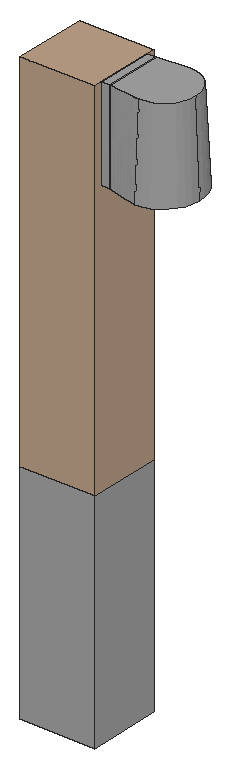
Revit family "ARBOR LED BOLLARD", category Lighting Fixtures, host Face, Revit 2020
Family settings
  Host = Face
  Round Connector Dimension = Use Diameter
  Part Type = Normal
  Cut with Voids When Loaded = No
  Light Source = Yes
  Shared = No
  Room Calculation Point = No
Parameters (values of type "ARBD")
  light width = 3.54"
  Wattage Comments = "10W"
  Wattage = 3.29873 W
  built-in parameter 1150110 = 1 (stored number, unit not read)
  Voltage Comments = "120-277V"
  Voltage = 277 V
  URL = "https://www.abovealllighting.com/product/LED-OUTDOOR-FIXTURES/LEDBOLLARDS/ArborLEDBollard.html"
  Type Comments = "ARBOR LED BOLLARD"
  built-in parameter 1114217 = 1 (stored number, unit not read)
  Tilt Angle = 90.00°
  built-in parameter 1150109 = 1 (stored number, unit not read)
  built-in parameter 1150134 = (empty or 0)
  Suspenders Distance = 7.95"
  built-in parameter 1150113 = 1 (stored number, unit not read)
  Photometric Web File = "ARBDXXH_10301_BK.ies"
  Model = "ARBD"
  Manufacturer = "Above All Lighting"  # constant formula
  built-in parameter 1150105 = 38.993 (stored number, unit not read)
  Lumens = 490 lm
  built-in parameter 1150115 = 1 (stored number, unit not read)
  built-in parameter 1150137 = (empty or 0)
  built-in parameter 1150139 = (empty or 0)
  built-in parameter 1150112 = 1 (stored number, unit not read)
  built-in parameter 1150114 = 1 (stored number, unit not read)
  Lamp = "LED"
  LIGHT LENGTH = 4.92"
  built-in parameter 1150132 = 2
  built-in parameter 1150102 = (empty or 0)
  built-in parameter 1150107 = 3000 (stored number, unit not read)
  built-in parameter 1150138 = (empty or 0)
  built-in parameter 1150106 = 0.38993 (stored number, unit not read)
  Fixture Width = 3.94"
  Fixture Height = 31.50"
  Finish/Color = wood
  built-in parameter 1150104 = 13.8 (stored number, unit not read)
  Dimming Lamp Color Temperature Shift = <None>
  Description = "The Arbor led bollard has attractively shielded light distribution.  It's fully shielded light source \r\neffectively contains upward light spill for safety and comfort of passers by. Superior UV powder \r\ncoating, quality die cast aluminum body, tempered safety glass lens, molded silicone gasket and \r\nstainless steel screws. Distinctive wood texture finish also available This bollard is an excellent \r\nchoice for walkways, entrances, promenades, plazas, courtyards, driveways, bridges, and \r\nlandscaped areas."
  Default Elevation = 48.00"
  Color Option Available = "3000K,4000K"
  Color Filter = 16777215
  CRI = "80"
  CCT = "3000K,4000K"
  Body Material = die cast aluminum
  built-in parameter 1114218 = 1 (stored number, unit not read)
  Average life based on L70(HRS) = "100000"
  built-in parameter 1150133 = 10 (stored number, unit not read)
  Apparent Load = 0 VA
Reference planes (in)
  plane 1 "Center (Front/Back)": y = 0
  plane 2: z = 0
  plane 3 "Center (Left/Right)": x = 0
  plane 4: x = -1.97
  plane 5: z = 31.5
  plane 6: x = 1.97
  plane 7: z = 26.58
  plane 8: x = 5.98
  plane 9: x = 2.44
  plane 10: y = 1.97
  plane 11: y = -1.97
  plane 12: z = 12
  plane 13: x = 4.21
Forms (in)
  Extrusion 1, solid, material "die cast aluminum" <- "Body Material"
    sketch origin (0, 0, 0) x (1, 0, 0) y (0, 1, 0)
      loop
        line (-1.97, 1.97) -> (-1.97, -1.97) -> (1.97, -1.97) -> (1.97, 1.97) -> (-1.97, 1.97)
    from 0 to 12
  Extrusion 2, solid, material "wood" <- "Finish/Color"
    sketch origin (0, 0, 11) x (1, 0, 0) y (0, 1, 0)
      loop
        line (-1.97, 1.97) -> (-1.97, -1.97) -> (1.97, -1.97) -> (1.97, 1.97) -> (-1.97, 1.97)
    from 1 to 20.5
  Extrusion 3, solid, material "die cast aluminum" <- "Body Material"
    sketch origin (0, 0, 0) x (1, 0, 0) y (0, 0, 1)
      loop
        line (1.97, 31.5) -> (1.97, 26.58) -> (2.44, 26.58) -> (2.44, 31.5) -> (1.97, 31.5)
    from -1.53504 to 1.53504
  Blend 4, solid, material "die cast aluminum" <- "Body Material"
    base sketch origin (0, 0, 0) x (1, 0, 0) y (0, 1, 0)
      loop
        line (4.10469, 1.9513) -> (2.44, 1.53504) -> (2.44, -1.53504) -> (4.06461, -1.92574)
        arc (4.06461, -1.92574) -> (5.42266, -1.36107) -> (5.98, 0) r 1.91542
        arc (5.98, 0) -> (5.45787, 1.37499) -> (4.10469, 1.9513) r 1.87679
    top sketch origin (0, 0, 0) x (1, 0, 0) y (0, 1, 0)
      loop
        line (2.44, 1.53504) -> (2.44, -1.53504) -> (4.10435, -1.69667)
        arc (4.10435, -1.69667) -> (5.30408, -1.19973) -> (5.80102, 0) r 1.69667
        arc (5.80102, 0) -> (5.30408, 1.19973) -> (4.10435, 1.69667) r 1.69667
        line (4.10435, 1.69667) -> (2.44, 1.53504)
    from 26.58 to 31.5
  Blend 5, void
    base sketch origin (0.125, 0, 0) x (1, 0, 0) y (0, 1, 0)
      loop
        circle (4.10435, 0) r 1.60423
    top sketch origin (0.125, 0, 0) x (1, 0, 0) y (0, 1, 0)
      loop
        circle (4.10435, 0) r 1.15701
    from 26.58 to 28.5716
Cuts and joins
  Blend 5 cuts Blend 4
Dimensions and locks (in)
  equal spacing: plane 6, plane 3 "Center (Left/Right)", plane 4
  "Fixture Width": plane 6 to plane 4
  "Fixture Height": plane 5 to plane 2
  "Suspenders Distance": plane 8 to plane 4
  "LIGHT LENGTH": plane 5 to plane 7
  "light width": plane 8 to plane 9
  equal spacing: plane 10, plane 1 "Center (Front/Back)", plane 11
  plane 10 to plane 11 = 3.94"
  plane 4 to plane 6 = 3.94"
  equal spacing: plane 4, plane 3 "Center (Left/Right)", plane 6
  equal spacing: Extrusion 3, plane 1 "Center (Front/Back)", Extrusion 3, locked at 1.53504 each
  Blend 4 to plane 3 "Center (Left/Right)" = 2.44"
  locked: cut or joined group of Blend 4, Blend 5 to cut or joined group of Blend 4, Blend 5 at 2.9284
  equal spacing: plane 8, plane 13, plane 9, locked at 1.77 each
  aligned and locked: plane 2 to host face
  aligned and locked: level to host face
  aligned and locked: plane 12 to Extrusion 1
  aligned and locked: Extrusion 2 to Extrusion 1
  aligned and locked: plane 5 to Extrusion 2
  aligned and locked: Extrusion 2 to Extrusion 3 sketch curve  (x2)
  aligned and locked: Extrusion 3 sketch curve to plane 9
  aligned and locked: plane 7 to Extrusion 3 sketch curve
  aligned and locked: plane 5 to Blend 4
  aligned and locked: Blend 4 to plane 7
  aligned and locked: Blend 5 to plane 7
  aligned and locked: plane 7 to imposter light
  aligned and locked: imposter light to plane 1 "Center (Front/Back)"
  aligned and locked: imposter light to plane 13
  aligned and locked: Extrusion 1 to level
Automatic sketch dimensions
  host sketch curve to host sketch curve = 96.00"  (x2)
  Extrusion 1 sketch curve to plane 4 = 0.00"
  Extrusion 1 sketch curve to plane 6 = 0.00"
  plane 11 to Extrusion 1 sketch curve = 0.00"
  Extrusion 1 sketch curve to plane 10 = 0.00"
  Extrusion 2 sketch curve to plane 4 = 0.00"
  Extrusion 2 sketch curve to plane 6 = 0.00"
  plane 11 to Extrusion 2 sketch curve = 0.00"
  Extrusion 2 sketch curve to plane 10 = 0.00"
  Blend 4 sketch curve to plane 9 = 0.00"  (x2)
  plane 1 "Center (Front/Back)" to Blend 4 sketch curve = 0.00"  (x2)
  Blend 4 sketch curve to plane 8 = 0.00"
  plane 1 "Center (Front/Back)" to Blend 4 sketch curve = 0.01032"
  Blend 4 sketch curve to plane 13 = 0.14539"
  Blend 4 sketch curve to plane 10 = 0.0187"
  Blend 4 sketch curve to plane 13 = 0.10531"
  Blend 4 sketch curve to plane 11 = 0.43496"  (x2)
  Blend 4 sketch curve to plane 10 = 0.43496"  (x2)
  Blend 4 sketch curve to Blend 4 sketch curve = 0.00"  (x2)
  Blend 4 sketch curve to plane 13 = 0.10565"
  Blend 4 sketch curve to plane 11 = 0.27333"
  plane 1 "Center (Front/Back)" to Blend 5 sketch curve = 0.00"  (x2)
  plane 13 to Blend 5 sketch curve = 0.01935"  (x2)
  radius of Blend 5 sketch curve = 1.60423"
  radius of Blend 5 sketch curve = 1.15701"
Connectors (in)
  electrical at (0, 0, 0), driven by "Voltage", driven by "Apparent Load"
    settings: on host face, index 1, voltage 277 V, apparent load 0 VA, apparent load phase1 0 VA, apparent load phase2 0 VA, apparent load phase3 0 VA, power factor 1, load classification "Lighting", number of poles 1, system type 30, power factor state 1, is connector primary yes, connector utility no, sub classification motor no, connector description ""
